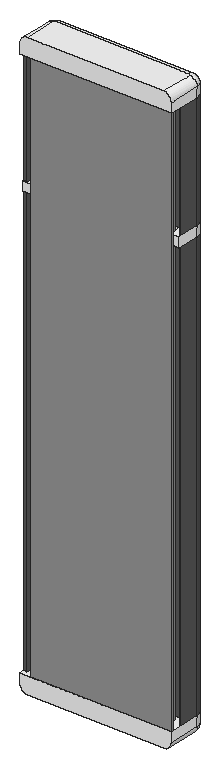
Revit family "JC KONTAKTER JCK237 Armbågskontakt", category Specialty Equipment, host Wall, Revit 2025
Family settings
  Host = Wall
  Round Connector Dimension = Use Diameter
  Part Type = Normal
  Enable Cutting in Views = Yes
  Always vertical = Yes
  Cut with Voids When Loaded = No
  Maintain Annotation Orientation = No
  Shared = No
  Room Calculation Point = No
Parameters (values of type "Armbågskontakt JCK237")
  Tillverkningsland = "Sverige"
  Tekniskt produktblad = "https://jckontakter.se/wp-content/uploads/2019/09/Tekniskt-blad_JCK237.pdf"
  Placering av armbågskontakt = "https://jckontakter.se/start/nyheter-och-information/armbagskontakter-placering-riktlinjer/"
  Mikrobrytare 2 = "Standard NC IP67 (tre ledare)"
  Mikrobrytare 1 = "Standard NO IP67"
  Lägsta märkström = "1mA/4 V DC"
  Core Finish = Aluminum ENAW 6060
  URL = "https://jckontakter.se/produkt/armbagskontakter-metall/armbagskontakt-i-aluminium-jck237/"
  Tillvalsförteckning = "https://jckontakter.se/wp-content/uploads/sites/2/Tillval_metall_2024.pdf"
  Produktvikt = "0.383 kg"
  Nominell märkström = "12 V - Resistive 6A Inductive L/R 5ms 6A, 24 V - Resistive 6A Inductive L/R 5ms 5A"
  Model = "JCK237"  # constant formula
  Manufacturer = "JC Kontakter"  # constant formula
  Lid Finish = Aluminum ENAW 6060 (Svart)
  Keynote = ""
  End Cap Finish = POM Tenac C 4520 (Vit)
  Description = "JCK237 tillhör en serie armbågskontakter med dubbla tryckytor som gör det möjligt att koppla t.ex. en extra dörr eller ett lås. JCK237 är tillverkad i svarteloxerad aluminium med vita endcaps. Båda tryckytorna är utformade med fyra taktila rillor och fungerar som extra vägledning för personer med synnedsättning. Man kan enkelt känna sig till vart man ska trycka för att aktivera dörröppning."  # constant formula
  Default Elevation = 0 mm
  CE Dokument = "https://jckontakter.se/wp-content/uploads/CE_Dokument.pdf"
  Assembly Code = ""
  Antal mikrobrytare = 1
  Antal microbrytare 2 = "1"
Reference planes
  plane 1 "Wall": y = 0
  plane 2 "Center (Left/Right)": x = 125
  plane 3 "Back": y = 75
  plane 4 "A": z = 800
Lines and regions (mm)
  Masking region 1
    outline origin (0, 0, -34) x (1, 0, 0) y (0, 0, 1)
      loop
        line (175, 1145) -> (75, 1145) -> (75, 834) -> (175, 834) -> (175, 1145)
  symbolic lines
    curve 1: line (75, 125, 0) -> (175, 125, 0)
    curve 2: line (75, 75, 0) -> (75, 125, 0)
    curve 3: line (175, 75, 0) -> (75, 75, 0)
    curve 4: line (175, 125, 0) -> (175, 75, 0)
Text (mm)
  text "Placement Side" at (-1848.837, 1116.779, 0), in view "Ref. Level"
  text "Placement side" at (0, 1409.804, 2854.306), in view "Left"
  text "Placement side" at (0, 499.811, 2980.732), in view "Right"
Dimensions and locks
  locked: plane 3 "Back" to host wall
  locked: curve 3 to curve 1 at 50
  aligned and locked: plane 1 "Wall" to host wall
  aligned and locked: nested 1 to plane 3 "Back"
  aligned and locked: curve 3 to plane 3 "Back"
Nested families
  nested 1: "AK_237" at (125, 75, 800) x (-1, 0, 0) z (0, 0, 1), type "AK_237", detail levels medium+fine
Definition of nested family "AK_237"
  Parameters (values of type "AK_237")
    Core Finish = none
    URL = "https://jckontakter.se/produkt/armbagskontakter-metall/armbagskontakt-i-aluminium-jck237/"
    Model = "JCK237"  # constant formula
    Manufacturer = "JC Kontakter"  # constant formula
    Lid Finish = none
    End Cap Finish = none
    Description = "JCK237 tillhör en serie armbågskontakter med dubbla tryckytor som gör det möjligt att koppla t.ex. en extra dörr eller ett lås. JCK237 är tillverkad i svarteloxerad aluminium med vita endcaps. Båda tryckytorna är utformade med fyra taktila rillor och fungerar som extra vägledning för personer med synnedsättning. Man kan enkelt känna sig till vart man ska trycka för att aktivera dörröppning."  # constant formula
    Default Elevation = 0 mm
  Reference planes
    plane 1 "Center (Front/Back)": y = 0
    plane 2: z = 0
    plane 3 "Center (Left/Right)": x = 0
    plane 4 "1": x = 40
    plane 5 "A": z = 9
    plane 6 "B": z = 302
    plane 7 "C": z = 236
  Forms (mm)
    Extrusion 1, solid, material <- "Core Finish"
      sketch origin (40, 0, 9) x (1, 0, 0) y (0, 1, 0)
        loop
          line (-80, 0) -> (-80, -1.2) -> (-75, -1.2) -> (-75, -8.75) -> (-73.2, -8.75) -> (-73.2, -1.2) -> (-11.2, -1.2) -> (-11.2, -8.75) -> (-2.249, -8.75)
          arc (-2.249, -8.75) -> (-3.331, -3.54) -> (-8.11, -1.2) r 6.05
          line (-8.11, -1.2) -> (-5.54, -1.2) -> (-5.54, 0) -> (-80, 0)
      from 0 to 293
    Extrusion 2, solid, material <- "Lid Finish"
      sketch origin (-40, 0, 9) x (-1, 0, 0) y (0, -1, 0)
        loop
          line (-3.92, 11.41) -> (-0.92, 6.4) -> (0, 6.4) -> (0, 16.83)
          arc (0, 16.83) -> (-1.464, 20.366) -> (-5, 21.83) r 5
          line (-5, 21.83) -> (-8, 21.83) -> (-8, 22.83) -> (-10, 22.83) -> (-10, 21.83) -> (-14, 21.83) -> (-14, 22.83) -> (-16, 22.83) -> (-16, 21.83) -> (-20, 21.83) -> (-20, 22.83) -> (-22, 22.83) -> (-22, 21.83) -> (-26, 21.83) -> (-26, 22.83) -> (-28, 22.83) -> (-28, 21.83) -> (-75, 21.83)
          arc (-75, 21.83) -> (-78.536, 20.366) -> (-80, 16.83) r 5
          line (-80, 16.83) -> (-80, 2.38) -> (-78.4, 2.38) -> (-78.4, 11.41) -> (-3.92, 11.41)
      from 0 to 227
    Extrusion 3, solid, material <- "End Cap Finish"
      sketch origin (-40, 0, 0) x (1, 0, 0) y (0, 1, 0)
        loop
          arc (0, -16.83) -> (1.464, -20.366) -> (5, -21.83) r 5
          line (5, -21.83) -> (75, -21.83)
          arc (75, -21.83) -> (78.536, -20.366) -> (80, -16.83) r 5
          line (80, -16.83) -> (80, 0) -> (0, 0) -> (0, -16.83)
      from 0 to 9
    Sweep 4, void
      path origin (0, 0, 0) x (1, 0, 0) y (0, 1, 0)
        loop
          line (42, 0) -> (42, -16.83)
          arc (42, -16.83) -> (39.95, -21.78) -> (35, -23.83) r 7
          line (35, -23.83) -> (-35, -23.83)
          arc (-35, -23.83) -> (-39.95, -21.78) -> (-42, -16.83) r 7
          line (-42, -16.83) -> (-42, 0)
      profile origin (0, -23.83, 0) x (0, -1, 0) y (0, 0, 1)
        loop
          line (-1, 4) -> (-2, 4)
          arc (-2, 4) -> (-3.172, 1.172) -> (-6, 0) r 4
          line (-6, 0) -> (-6, -1) -> (-1, -1) -> (-1, 4)
    Extrusion 5, solid, material <- "End Cap Finish"
      sketch origin (0, 0, 302) x (-1, 0, 0) y (0, -1, 0)
        loop
          arc (40, 16.83) -> (38.536, 20.366) -> (35, 21.83) r 5
          line (35, 21.83) -> (-35, 21.83)
          arc (-35, 21.83) -> (-38.536, 20.366) -> (-40, 16.83) r 5
          line (-40, 16.83) -> (-40, 0) -> (40, 0) -> (40, 16.83)
      from 0 to 9
    Sweep 6, void
      path origin (0, 0, 302) x (-1, 0, 0) y (0, -1, 0)
        loop
          line (-42, 0) -> (-42, 16.83)
          arc (-42, 16.83) -> (-39.95, 21.78) -> (-35, 23.83) r 7
          line (-35, 23.83) -> (35, 23.83)
          arc (35, 23.83) -> (39.95, 21.78) -> (42, 16.83) r 7
          line (42, 16.83) -> (42, 0)
      profile origin (0, -23.83, 302) x (0, -1, 0) y (0, 0, 1)
        loop
          line (-1, 5) -> (-1, 10) -> (-6, 10) -> (-6, 9)
          arc (-6, 9) -> (-3.172, 7.828) -> (-2, 5) r 4
          line (-2, 5) -> (-1, 5)
    Extrusion 7, void
      sketch origin (0, 0, 0) x (1, 0, 0) y (0, 1, 0)
        loop
          circle (-31.75, -8.25) r 3.75
        loop
          circle (31.75, -8.25) r 3.75
      from 0 to 4
    Extrusion 8, solid, material <- "Lid Finish"
      sketch origin (0, 0, 236) x (-1, 0, 0) y (0, -1, 0)
        loop
          line (36.08, 11.41) -> (39.08, 6.4) -> (40, 6.4) -> (40, 16.83)
          arc (40, 16.83) -> (38.536, 20.366) -> (35, 21.83) r 5
          line (35, 21.83) -> (32, 21.83) -> (32, 22.83) -> (30, 22.83) -> (30, 21.83) -> (26, 21.83) -> (26, 22.83) -> (24, 22.83) -> (24, 21.83) -> (20, 21.83) -> (20, 22.83) -> (18, 22.83) -> (18, 21.83) -> (14, 21.83) -> (14, 22.83) -> (12, 22.83) -> (12, 21.83) -> (-35, 21.83)
          arc (-35, 21.83) -> (-38.536, 20.366) -> (-40, 16.83) r 5
          line (-40, 16.83) -> (-40, 2.38) -> (-38.4, 2.38) -> (-38.4, 11.41) -> (36.08, 11.41)
      from 5 to 66
    Extrusion 9, solid, material <- "End Cap Finish"
      sketch origin (0, 0, 236) x (-1, 0, 0) y (0, -1, 0)
        loop
          line (-19.5, 16.33) -> (35, 16.33) -> (35, 5) -> (40, 5) -> (40, 16.83)
          arc (40, 16.83) -> (38.536, 20.366) -> (35, 21.83) r 5
          line (35, 21.83) -> (-35, 21.83)
          arc (-35, 21.83) -> (-38.536, 20.366) -> (-40, 16.83) r 5
          line (-40, 16.83) -> (-40, 2) -> (-34.897, 2)
          arc (-34.897, 2) -> (-37.462, 4.894) -> (-37.751, 8.75) r 6.05
          line (-37.751, 8.75) -> (-19.5, 8.75) -> (-19.5, 16.33)
      from 0 to 5
  Cuts and joins
    Sweep 4, Sweep 6, Extrusion 7 cuts Extrusion 3
    Sweep 6 cuts Extrusion 5
  Dimensions and locks
    aligned and locked: level to plane 2
